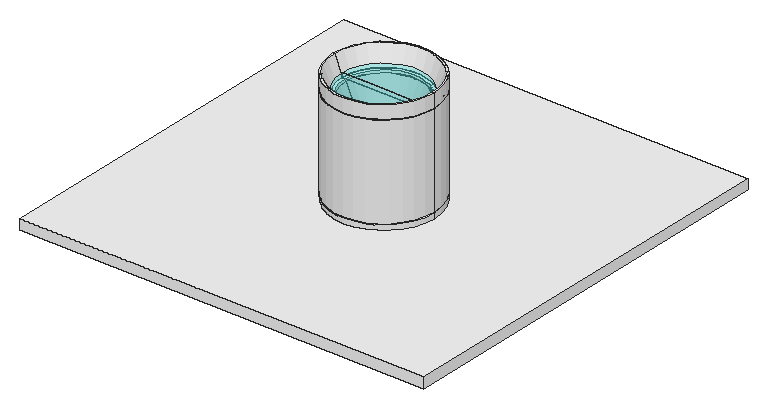
Revit family "BE_24404_de_DE", category Leuchten, Revit 2020
Family settings
  Basisbauteil = Fläche
  Bemaßung runder Anschluss = Durchmesser verwenden
  Teiletyp = Normal
  Beim Laden mit Abzugskörper schneiden = Ja
  Lichtquelle = Ja
  Gemeinsam genutzt = Nein
  Raumberechnungspunkt = Ja
Parameters (values of type "BEGA_24404_Weiß_K4")
  built-in parameter 1150104 = 11.148 (stored number, unit not read)
  Wattage = 8 W
  Default Elevation = 0 mm
  built-in parameter 1150113 = 1 (stored number, unit not read)
  built-in parameter 1114218 = 1 (stored number, unit not read)
  Umgebungstemperatur = "25 °C"
  URL = "https://www.bega.com/de/produkt/24404"
  Typenkommentare = "© 2022 BEGA. Wir behalten uns das Recht vor, technische Änderungen ohne vorherige Ankündigung vorzunehmen."  # constant formula
  Type Image = 24404.png
  built-in parameter 1150134 = 12
  built-in parameter 1150109 = 1 (stored number, unit not read)
  Strom = ""
  built-in parameter 1150110 = 1 (stored number, unit not read)
  Spannung = 239.996 V
  Sonderanfertigung = no
  Seriennummer [instance] = "Hier können Sie die eindeutige Seriennummer für das Facility Management eintragen."
  Schutzklasse = "I"
  Schutzart = "IP 65"
  Scheinlast = 0 VA
  Produktdatenblatt = "https://cdn.bega.com/bega/products/24404WK3/current/documents/data-sheets/de"
  Oberflächentemperatur = ""
  Neigungswinkel = 0.00°
  Modell = "24404WK4"
  Material_17 = BEGA_Reflektor
  Material_15 = BEGA_Leuchtmedium_matt
  Material_11 = BEGA_Glas_opal
  Material_09 = BEGA_Glas_klar
  Material_06 = BEGA_Oberfläche_Edelstahl_gebürstet
  Material_03 = BEGA_Oberfläche_Weiss_matt
  Material_02 = BEGA_Oberfläche_Silber_matt
  Material_01 [instance] = BEGA_Oberfläche_Grafit_matt
  M_W = yes
  M_G = no
  M_A = no
  Logo = 0
  built-in parameter 1114217 = 1 (stored number, unit not read)
  built-in parameter 1150139 = (empty or 0)
  built-in parameter 1150105 = 76.394 (stored number, unit not read)
  built-in parameter 1150114 = 1 (stored number, unit not read)
  Lumens = 960 lm
  built-in parameter 1150115 = 1 (stored number, unit not read)
  Leuchtenlichtstrom = "974 lm"
  Leuchtenanzahl = ""
  Lebensdauerkriterien = "L70B50 @ 25 °C = 200000 h"
  Lastklassifizierung = Beleuchtung
  built-in parameter 1150112 = 1 (stored number, unit not read)
  Lampenlichtstrom = "1240 lm"
  Lampe = "LED 8 W"
  LED_Modulbezeichnung = "LED-1030/840"
  Hersteller = "BEGA"  # constant formula
  Halbstreuwinkel = ""
  Gewicht = "0.75 kg"
  Gebrauchslageneinschränkung [instance] = ""
  Frequenz = "0/50-60 Hz"
  Farbwiedergabeindex = "CRI > 80"
  Farbtemperaturverschiebung bei Dämpfen der Lampe = <Keine Auswahl>
  Farbtemperatur = "4000 K"
  Color Filter = 16777215
  built-in parameter 1150133 = 10 (stored number, unit not read)
  Energieeffizienzklasse = "LED A++ - A"
  built-in parameter 1150137 = (empty or 0)
  built-in parameter 1150132 = (empty or 0)
  ENEC = "ja"
  Dimmbar [instance] = "on/off"
  Datei für fotometrisches Netz = "BE_24404K4.IES"
  CE_Konformität = "ja"
  Bestellnummer = "24404WK4"
  Beschreibung_Sonderanfertigung = "Hier können Sie Informationen zur Sonderanfertigung eintragen."
  Beschreibung = "Deckenaufbau-Tiefstrahler"
  built-in parameter 1150106 = 0.76394 (stored number, unit not read)
  Befestigungsbohrung = "Ø 4,3 mm"
  Befestigungsabstand = "76 mm"
  Ballwurfsicher = ""
  BEGA_Intern_aus = yes
  BEGA_Intern_an = yes
  BEGA_Intern_Konstruktion = yes
  BEGA_Intern = yes
  BEGA_IES = yes
  BEGA_Dummy = no
  Anschlussleitung = ""
  Anschlussleistung [instance] = "9.2 W"
  Anschlusskasten = ""
  built-in parameter 1150107 = 4000 (stored number, unit not read)
  built-in parameter 1150102 = (empty or 0)
  built-in parameter 1150138 = (empty or 0)
  Aktualisierung = "2022-05-18T04:00:07"
  Abstand_zur_angestrahlten_Fläche [instance] = ""
  AC/DC = "AC/DC"
Types (4, lengths in mm): name | built-in parameter 1150104 | built-in parameter 1150134 | Modell | M_W | M_G | built-in parameter 1150105 | Lumens | Leuchtenlichtstrom | Lampenlichtstrom | LED_Modulbezeichnung | Farbtemperatur | Datei für fotometrisches Netz | Bestellnummer | built-in parameter 1150106 | built-in parameter 1150107
  BEGA_24404_Grafit_K3 | 10.498 (stored number, unit not read) | (empty or 0) | "24404K3" | no | yes | 71.938 (stored number, unit not read) | 904 lm | "915 lm" | "1165 lm" | "LED-1030/830" | "3000 K" | "BE_24404K3.IES" | "24404K3" | 0.71938 (stored number, unit not read) | 3000 (stored number, unit not read)
  BEGA_24404_Weiß_K3 | 10.498 (stored number, unit not read) | (empty or 0) | "24404WK3" | yes | no | 71.938 (stored number, unit not read) | 904 lm | "915 lm" | "1165 lm" | "LED-1030/830" | "3000 K" | "BE_24404K3.IES" | "24404WK3" | 0.71938 (stored number, unit not read) | 3000 (stored number, unit not read)
  BEGA_24404_Grafit_K4 | 11.148 (stored number, unit not read) | 12 | "24404K4" | no | yes | 76.394 (stored number, unit not read) | 960 lm | "974 lm" | "1240 lm" | "LED-1030/840" | "4000 K" | "BE_24404K4.IES" | "24404K4" | 0.76394 (stored number, unit not read) | 4000 (stored number, unit not read)
  BEGA_24404_Weiß_K4 | 11.148 (stored number, unit not read) | 12 | "24404WK4" | yes | no | 76.394 (stored number, unit not read) | 960 lm | "974 lm" | "1240 lm" | "LED-1030/840" | "4000 K" | "BE_24404K4.IES" | "24404WK4" | 0.76394 (stored number, unit not read) | 4000 (stored number, unit not read)
Reference planes
  plane 1 "Mitte (Vorne/Hinten)": y = 0
  plane 2: z = 0
  plane 3 "Mitte (Links/Rechts)": x = 0
  plane 4 "Links": x = -50
  plane 5 "Rechts": x = 50
  plane 6 "Unten": y = -50
  plane 7 "Oben": y = 50
  plane 8 "Vorne": z = 111.4
  plane 9 "Hinten": z = 0
Forms (mm)
  Extrusion 1, solid, material "BEGA_Platte_Weiss"
    sketch origin (0, -1119.2, 0) x (1, 0, 0) y (0, 1, 0)
      loop
        line (-200, 1319.2) -> (-200, 919.2) -> (200, 919.2) -> (200, 1319.2) -> (-200, 1319.2)
    from 0 to -10
  Extrusion 2, solid, material "BEGA_Dummy_matt", visible <- "BEGA_Dummy"
    sketch origin (77.149, -76.023, 0) x (1, 0, 0) y (0, 1, 0)
      loop
        circle (-77.149, 76.023) r 50
    from 0 to 111.4
Dimensions and locks
  plane 1 "Mitte (Vorne/Hinten)" to Extrusion 1 = 200 mm
  aligned and locked: plane 2 to Extrusion 1
  aligned and locked: level to Extrusion 1
Nested families
  nested 1: "BE_24404" at (0, 0, 0), type "BE_24404"
Connectors
  electrical at (0, 0, 0), driven by "Lastklassifizierung", driven by "Spannung", driven by "Scheinlast"
    settings: index 1, voltage 239.996 V, apparent load 0 VA, apparent load phase1 0 VA, apparent load phase2 0 VA, apparent load phase3 0 VA, power factor 1, load classification "Beleuchtung", number of poles 1, system type 31, power factor state 1, is connector primary yes, connector utility no, sub classification motor no, connector description ""
Definition of nested family "BE_24404"
  Parameters (values of type "BE_24404")
    Default Elevation = 1 mm
    URL = "http://www.bega.de/de/produkt"
    Type Comments = "© 2015 BEGA. Wir behalten uns das Recht vor, technische Änderungen ohne vorherige Ankündigung vorzunehmen. "  # constant formula
    Type Image = (empty or 0)
    Neigungswinkel_um_Z2 = 0.00°
    Neigungswinkel_um_Z1 = 0.00°
    Neigungswinkel_um_Y2 = 0.00°
    Neigungswinkel_um_Y1 = 0.00°
    Neigungswinkel_um_X2 = 0.00°
    Neigungswinkel_um_X1 = 0.00°
    Material_17 = none
    Material_15 = none
    Material_11 = none
    Material_09 = none
    Material_06 = none
    Material_03 = none
    Material_02 = none
    Material_01 = none
    M_W = yes
    M_G = yes
    M_A = yes
    Länge_Platte = 200 mm  # constant formula
    Höhe_Platte = -10 mm  # constant formula
    Manufacturer = "BEGA"  # constant formula
    Drehwinkel_um_Z2 = 0.00°
    Drehwinkel_um_Z1 = 0.00°
    Breite_Platte = 200 mm  # constant formula
  Reference planes
    plane 1 "Mitte (Oben/Unten)": y = 0
    plane 2: z = 0
    plane 3 "Mitte (Links/Rechts)": x = 0
    plane 4 "Vorne": z = 111.4
    plane 5 "Hinten": z = -25
    plane 6 "Links": x = -50
    plane 7 "Oben": y = 50
    plane 8 "Unten": y = -50
    plane 9: x = 50
  Forms (mm)
    Extrusion 1, solid, detail levels medium
      sketch origin (0, 0, 0) x (1, 0, 0) y (0, 1, 0)
        loop
          line (-100, 100) -> (-100, -100) -> (100, -100) -> (100, 100) -> (-100, 100)
      from 0 to -10 <- "Höhe_Platte"
    Revolve 2, solid, material <- "Material_01", visible <- "M_G"
      sketch origin (0, 0, 0) x (1, 0, 0) y (0, 0, 1)
        loop
          line (-50, 111.4) -> (-50, 98.417) -> (-47.884, 98.194) -> (-45.886, 94.734) -> (-47, 94.091) -> (-47, 85.55) -> (-45.078, 84.9) -> (-42.843, 84.9) -> (-42.651, 90.4) -> (-38.087, 90.4) -> (-38, 92.9) -> (-41.306, 92.9) -> (-48.5, 111.4) -> (-50, 111.4)
        axis (0, 111.4) -> (0, 84.9)
      angle from 0 to 360
    Revolve 3, solid, material <- "Material_01", visible <- "M_G"
      sketch origin (0, 0, 0) x (1, 0, 0) y (0, 0, 1)
        loop
          line (-50, 97.4) -> (-50, 6) -> (-47.965, 6) -> (-47.303, 24.964) -> (-40.001, 24.964) -> (-39.417, 41.7) -> (0, 41.7) -> (0, 46.7) -> (-38.893, 46.7) -> (-40, 78.398) -> (-47.293, 78.398) -> (-48, 94.4) -> (-49.092, 97.4) -> (-50, 97.4)
        axis (0, 6) -> (0, 97.4)
      angle from 0 to 360
    Revolve 4, solid, material <- "Material_17"
      sketch origin (0, 0, 0) x (1, 0, 0) y (0, 0, 1)
        loop
          line (-41.5, 89.2) -> (-38.478, 89.2)
          arc (-38.478, 89.2) -> (-29.406, 69.485) -> (-18.265, 50.861) r 201.35
          arc (-18.265, 50.861) -> (-17.747, 50.387) -> (-17.071, 50.2) r 1.5
          line (-17.071, 50.2) -> (-15.5, 50.2)
          arc (-15.5, 50.2) -> (-15.113, 50.384) -> (-15.01, 50.8) r 0.5
          arc (-15.01, 50.8) -> (-15.113, 51.216) -> (-15.5, 51.4) r 0.5
          line (-15.5, 51.4) -> (-16.996, 51.4)
          arc (-16.996, 51.4) -> (-28.322, 70.334) -> (-37.493, 90.4) r 199.946
          line (-37.493, 90.4) -> (-41.458, 90.4) -> (-41.5, 89.2)
        axis (0, 50.2) -> (0, 90.4)
      angle from 0 to 360
    Revolve 5, solid, material <- "Material_09"
      sketch origin (0, 0, 0) x (1, 0, 0) y (0, 0, 1)
        loop
          line (0, 97) -> (-41, 97) -> (-41, 92.9) -> (0, 92.9) -> (0, 97)
        axis (0, 92.9) -> (0, 97)
      angle from 0 to 360
    Revolve 6, solid, material <- "Material_03", visible <- "M_W"
      sketch origin (0, 0, 0) x (1, 0, 0) y (0, 0, 1)
        loop
          line (-50, 111.4) -> (-50, 98.417) -> (-47.884, 98.194) -> (-45.886, 94.734) -> (-47, 94.091) -> (-47, 85.55) -> (-45.078, 84.9) -> (-42.843, 84.9) -> (-42.651, 90.4) -> (-38.087, 90.4) -> (-38, 92.9) -> (-41.306, 92.9) -> (-48.5, 111.4) -> (-50, 111.4)
        axis (0, 111.4) -> (0, 84.9)
      angle from 0 to 360
    Revolve 7, solid, material <- "Material_03", visible <- "M_W"
      sketch origin (0, 0, 0) x (1, 0, 0) y (0, 0, 1)
        loop
          line (-50, 97.4) -> (-50, 6) -> (-47.965, 6) -> (-47.303, 24.964) -> (-40.001, 24.964) -> (-39.417, 41.7) -> (0, 41.7) -> (0, 46.7) -> (-38.893, 46.7) -> (-40, 78.398) -> (-47.293, 78.398) -> (-48, 94.4) -> (-49.092, 97.4) -> (-50, 97.4)
        axis (0, 6) -> (0, 97.4)
      angle from 0 to 360
    Revolve 8, solid, material <- "Material_15"
      sketch origin (0, 0, 0) x (1, 0, 0) y (0, 0, 1)
        loop
          line (-13.933, 48.423) -> (0, 48.423) -> (0, 49.205) -> (-13.933, 49.205) -> (-13.933, 48.423)
        axis (0, 48.423) -> (0, 49.423)
      angle from 0 to 360
    Revolve 9, solid, material <- "Material_01", visible <- "M_G"
      sketch origin (0, 0, 0) x (1, 0, 0) y (0, 0, 1)
        loop
          line (0, 16) -> (-38.731, 16) -> (-42.91, 16) -> (-42.91, 18.5) -> (-47, 18.5) -> (-47, 5.299) -> (-50, 4.983) -> (-50, 0) -> (-43.105, 0) -> (-42.651, 13) -> (0, 13) -> (0, 16)
        axis (0, 18.5) -> (0, 0)
      angle from 0 to 360
    Extrusion 10, solid, material <- "Material_01", visible <- "M_G"
      sketch origin (0, 0, 0) x (1, 0, 0) y (0, 1, 0)
        loop
          circle (-38, 0) r 6.17
        loop
          circle (38, 0) r 6.17
        loop
          circle (-38, 0) r 2.145
        loop
          circle (38, 0) r 2.145
      from 0 to 19.705
    Revolve 11, solid, material <- "Material_03", visible <- "M_W"
      sketch origin (0, 0, 0) x (1, 0, 0) y (0, 0, 1)
        loop
          line (0, 16) -> (-38.731, 16) -> (-42.91, 16) -> (-42.91, 18.5) -> (-47, 18.5) -> (-47, 5.299) -> (-50, 4.983) -> (-50, 0) -> (-43.105, 0) -> (-42.651, 13) -> (0, 13) -> (0, 16)
        axis (0, 18.5) -> (0, 0)
      angle from 0 to 360
    Extrusion 12, solid, material <- "Material_03", visible <- "M_W"
      sketch origin (0, 0, 0) x (1, 0, 0) y (0, 1, 0)
        loop
          circle (-38, 0) r 6.17
        loop
          circle (38, 0) r 6.17
        loop
          circle (-38, 0) r 2.145
        loop
          circle (38, 0) r 2.145
      from 0 to 19.705
    Extrusion 13, void
      sketch origin (0, 0, 0) x (1, 0, 0) y (0, 1, 0)
        loop
          circle (0, 29) r 7.197
      from 10.843 to 18.77
  Cuts and joins
    Extrusion 13 cuts Revolve 9
    Extrusion 13 cuts Extrusion 10
    joined: Revolve 9, Extrusion 10
    Extrusion 13 cuts Revolve 11
    Extrusion 13 cuts Extrusion 12
    joined: Revolve 11, Extrusion 12
    Extrusion 13 cuts Revolve 3
    Extrusion 13 cuts Revolve 4
    Extrusion 13 cuts Revolve 5
    Extrusion 13 cuts Revolve 7
  Dimensions and locks
    equal spacing: Extrusion 1 sketch curve, plane 3 "Mitte (Links/Rechts)", Extrusion 1 sketch curve
    equal spacing: Extrusion 1 sketch curve, plane 1 "Mitte (Oben/Unten)", Extrusion 1 sketch curve
    "Länge_Platte": Extrusion 1 sketch curve to Extrusion 1 sketch curve
    "Breite_Platte": Extrusion 1 sketch curve to Extrusion 1 sketch curve
    aligned and locked: plane 2 to Extrusion 1
    aligned and locked: level to Extrusion 1
  Automatic sketch dimensions
    Revolve 2 sketch curve to plane 3 "Mitte (Links/Rechts)" = 0 mm
    Revolve 2 sketch curve to Revolve 2 sketch curve = 0.087 mm
    Revolve 2 sketch curve to Revolve 2 sketch curve = 0.192 mm
    Revolve 2 sketch curve to Revolve 2 sketch curve = 2.235 mm
    Revolve 2 sketch curve to Revolve 2 sketch curve = 1.922 mm
    Revolve 2 sketch curve to Revolve 2 sketch curve = 1.998 mm
    Revolve 2 sketch curve to Revolve 2 sketch curve = 0.616 mm
    Revolve 2 sketch curve to Revolve 2 sketch curve = 1.5 mm
    level to Revolve 2 sketch curve = 84.9 mm
    Revolve 2 sketch curve to Revolve 2 sketch curve = 0.65 mm
    Revolve 2 sketch curve to Revolve 2 sketch curve = 5.5 mm
    Revolve 2 sketch curve to Revolve 2 sketch curve = 2.5 mm
    Revolve 2 sketch curve to Revolve 2 sketch curve = 3.691 mm
    Revolve 2 sketch curve to Revolve 2 sketch curve = 0.643 mm
    Revolve 2 sketch curve to Revolve 2 sketch curve = 0.222 mm
    Revolve 2 sketch curve to Revolve 2 sketch curve = 12.983 mm
    Revolve 2 sketch curve to Revolve 2 sketch curve = 3.306 mm
    Revolve 2 sketch curve to Revolve 2 sketch curve = 8.578 mm
    Revolve 2 sketch curve to Revolve 2 sketch curve = 6.422 mm
    Revolve 2 sketch curve to plane 3 "Mitte (Links/Rechts)" = 38 mm
    Revolve 2 sketch curve to Revolve 2 sketch curve = 1.345 mm
    Revolve 2 sketch curve to Revolve 2 sketch curve = 1.114 mm
    Revolve 3 sketch curve to plane 3 "Mitte (Links/Rechts)" = 0 mm  (x2)
    Revolve 3 sketch curve to Revolve 3 sketch curve = 38.893 mm
    Revolve 3 sketch curve to Revolve 3 sketch curve = 0.524 mm
    Revolve 3 sketch curve to Revolve 3 sketch curve = 1.107 mm
    Revolve 3 sketch curve to Revolve 3 sketch curve = 0.584 mm
    Revolve 3 sketch curve to Revolve 3 sketch curve = 7.293 mm
    Revolve 3 sketch curve to Revolve 3 sketch curve = 7.302 mm
    level to Revolve 3 sketch curve = 6 mm
    Revolve 3 sketch curve to Revolve 3 sketch curve = 0.662 mm
    Revolve 3 sketch curve to Revolve 3 sketch curve = 0.707 mm
    Revolve 3 sketch curve to Revolve 3 sketch curve = 1.092 mm
    Revolve 3 sketch curve to Revolve 3 sketch curve = 0.908 mm
    Revolve 3 sketch curve to Revolve 3 sketch curve = 18.964 mm
    Revolve 3 sketch curve to Revolve 3 sketch curve = 16.736 mm
    Revolve 3 sketch curve to Revolve 3 sketch curve = 5 mm
    Revolve 3 sketch curve to Revolve 3 sketch curve = 31.698 mm  (x2)
    Revolve 3 sketch curve to Revolve 3 sketch curve = 16.002 mm
    Revolve 3 sketch curve to Revolve 3 sketch curve = 3 mm
    Revolve 3 sketch curve to Revolve 3 sketch curve = 26.486 mm
    Revolve 4 sketch curve to plane 3 "Mitte (Links/Rechts)" = 0 mm
    Revolve 4 sketch curve to plane 3 "Mitte (Links/Rechts)" = 15.5 mm
    Revolve 4 sketch curve to Revolve 4 sketch curve = 0 mm  (x2)
    Revolve 4 sketch curve to Revolve 4 sketch curve = 1.496 mm
    Revolve 4 sketch curve to Revolve 4 sketch curve = 0.025 mm
    Revolve 4 sketch curve to Revolve 4 sketch curve = 0.075 mm
    Revolve 4 sketch curve to plane 3 "Mitte (Links/Rechts)" = 37.493 mm
    Revolve 4 sketch curve to Revolve 4 sketch curve = 0.985 mm
    Revolve 4 sketch curve to Revolve 4 sketch curve = 2.98 mm
    Revolve 4 sketch curve to Revolve 4 sketch curve = 0.042 mm
    Revolve 4 sketch curve to Revolve 4 sketch curve = 0.037 mm  (x2)
    level to Revolve 4 sketch curve = 50.2 mm
    Revolve 4 sketch curve to Revolve 4 sketch curve = 0.5 mm  (x2)
    Revolve 4 sketch curve to Revolve 4 sketch curve = 0.2 mm
    Revolve 4 sketch curve to Revolve 4 sketch curve = 0.299 mm
    Revolve 4 sketch curve to Revolve 4 sketch curve = 37.501 mm
    Revolve 4 sketch curve to Revolve 4 sketch curve = 1.2 mm
    Revolve 4 sketch curve to Revolve 4 sketch curve = 20 mm
    Revolve 4 sketch curve to Revolve 4 sketch curve = 8.528 mm
    Revolve 5 sketch curve to plane 3 "Mitte (Links/Rechts)" = 0 mm  (x2)
    Revolve 5 sketch curve to Revolve 5 sketch curve = 41 mm
    level to Revolve 5 sketch curve = 92.9 mm
    Revolve 5 sketch curve to Revolve 5 sketch curve = 4.1 mm
    Revolve 5 sketch curve to Revolve 5 sketch curve = 5 mm
    Revolve 5 sketch curve to Revolve 5 sketch curve = 6.689 mm
    Revolve 6 sketch curve to plane 3 "Mitte (Links/Rechts)" = 0 mm
    Revolve 6 sketch curve to plane 3 "Mitte (Links/Rechts)" = 38 mm
    Revolve 6 sketch curve to Revolve 6 sketch curve = 0.087 mm
    Revolve 6 sketch curve to Revolve 6 sketch curve = 3.306 mm
    Revolve 6 sketch curve to Revolve 6 sketch curve = 1.345 mm
    Revolve 6 sketch curve to Revolve 6 sketch curve = 0.192 mm
    Revolve 6 sketch curve to Revolve 6 sketch curve = 2.235 mm
    Revolve 6 sketch curve to Revolve 6 sketch curve = 4.58 mm
    Revolve 6 sketch curve to Revolve 6 sketch curve = 1.922 mm
    Revolve 6 sketch curve to Revolve 6 sketch curve = 1.998 mm
    Revolve 6 sketch curve to Revolve 6 sketch curve = 0.616 mm
    Revolve 6 sketch curve to Revolve 6 sketch curve = 1.5 mm
    level to Revolve 6 sketch curve = 84.9 mm
    Revolve 6 sketch curve to Revolve 6 sketch curve = 0.65 mm
    Revolve 6 sketch curve to Revolve 6 sketch curve = 5.5 mm
    Revolve 6 sketch curve to Revolve 6 sketch curve = 2.5 mm
    Revolve 6 sketch curve to Revolve 6 sketch curve = 3.691 mm
    Revolve 6 sketch curve to Revolve 6 sketch curve = 0.643 mm
    Revolve 6 sketch curve to Revolve 6 sketch curve = 0.222 mm
    Revolve 6 sketch curve to Revolve 6 sketch curve = 12.983 mm
    Revolve 6 sketch curve to Revolve 6 sketch curve = 8.578 mm
    Revolve 6 sketch curve to Revolve 6 sketch curve = 6.422 mm
    Revolve 7 sketch curve to plane 3 "Mitte (Links/Rechts)" = 0 mm  (x2)
    Revolve 7 sketch curve to plane 3 "Mitte (Links/Rechts)" = 38.893 mm
    Revolve 7 sketch curve to Revolve 7 sketch curve = 0.524 mm
    Revolve 7 sketch curve to Revolve 7 sketch curve = 1.107 mm
    Revolve 7 sketch curve to Revolve 7 sketch curve = 0.584 mm
    Revolve 7 sketch curve to Revolve 7 sketch curve = 7.293 mm
    Revolve 7 sketch curve to Revolve 7 sketch curve = 7.302 mm
    level to Revolve 7 sketch curve = 6 mm
    Revolve 7 sketch curve to Revolve 7 sketch curve = 0.662 mm
    Revolve 7 sketch curve to Revolve 7 sketch curve = 0.707 mm
    Revolve 7 sketch curve to Revolve 7 sketch curve = 1.092 mm
    Revolve 7 sketch curve to Revolve 7 sketch curve = 0.908 mm
    Revolve 7 sketch curve to Revolve 7 sketch curve = 18.964 mm
    Revolve 7 sketch curve to Revolve 7 sketch curve = 16.736 mm
    Revolve 7 sketch curve to Revolve 7 sketch curve = 5 mm
    Revolve 7 sketch curve to Revolve 7 sketch curve = 31.698 mm  (x2)
    Revolve 7 sketch curve to Revolve 7 sketch curve = 16.002 mm
    Revolve 7 sketch curve to Revolve 7 sketch curve = 3 mm
    Revolve 7 sketch curve to Revolve 7 sketch curve = 26.486 mm
    Revolve 8 sketch curve to plane 3 "Mitte (Links/Rechts)" = 0 mm  (x2)
    Revolve 8 sketch curve to plane 3 "Mitte (Links/Rechts)" = 13.933 mm
    level to Revolve 8 sketch curve = 48.423 mm
    Revolve 8 sketch curve to Revolve 8 sketch curve = 0.782 mm
    Revolve 8 sketch curve to Revolve 8 sketch curve = 2.192 mm
    Revolve 8 sketch curve to Revolve 8 sketch curve = 2.28 mm
    plane 4 "Vorne" to Revolve 4 sketch curve = 51.954 mm
    Revolve 9 sketch curve to plane 6 "Links" = 0 mm
    Revolve 9 sketch curve to level = 0 mm
    Revolve 9 sketch curve to plane 3 "Mitte (Links/Rechts)" = 0 mm  (x2)
    plane 6 "Links" to Revolve 9 sketch curve = 3 mm
    Revolve 9 sketch curve to Revolve 9 sketch curve = 3.895 mm
    Revolve 9 sketch curve to Revolve 9 sketch curve = 4.09 mm
    Revolve 9 sketch curve to Revolve 9 sketch curve = 0.259 mm
    Revolve 9 sketch curve to Revolve 9 sketch curve = 4.179 mm
    Revolve 9 sketch curve to Revolve 9 sketch curve = 4.983 mm
    Revolve 9 sketch curve to Revolve 9 sketch curve = 0.315 mm
    Revolve 9 sketch curve to Revolve 9 sketch curve = 7.701 mm
    Revolve 9 sketch curve to Revolve 9 sketch curve = 3 mm
    Revolve 9 sketch curve to Revolve 9 sketch curve = 2.5 mm
    Revolve 9 sketch curve to Revolve 9 sketch curve = 4.431 mm
    Revolve 9 sketch curve to Revolve 9 sketch curve = 13.732 mm
    Extrusion 10 sketch curve to Extrusion 10 sketch curve = 0 mm  (x4)
    Extrusion 10 sketch curve to plane 1 "Mitte (Oben/Unten)" = 0 mm  (x2)
    plane 6 "Links" to Extrusion 10 sketch curve = 12 mm
    plane 9 to Extrusion 10 sketch curve = 12 mm
    Revolve 11 sketch curve to plane 6 "Links" = 0 mm
    Revolve 11 sketch curve to level = 0 mm
    Revolve 11 sketch curve to plane 3 "Mitte (Links/Rechts)" = 0 mm  (x2)
    plane 6 "Links" to Revolve 11 sketch curve = 3 mm
    Revolve 11 sketch curve to Revolve 11 sketch curve = 3.895 mm
    Revolve 11 sketch curve to Revolve 11 sketch curve = 4.09 mm
    Revolve 11 sketch curve to Revolve 11 sketch curve = 0.259 mm
    Revolve 11 sketch curve to Revolve 11 sketch curve = 4.179 mm
    Revolve 11 sketch curve to Revolve 11 sketch curve = 4.983 mm
    Revolve 11 sketch curve to Revolve 11 sketch curve = 0.315 mm
    Revolve 11 sketch curve to Revolve 11 sketch curve = 7.701 mm
    Revolve 11 sketch curve to Revolve 11 sketch curve = 3 mm
    Revolve 11 sketch curve to Revolve 11 sketch curve = 2.5 mm
    Revolve 11 sketch curve to Revolve 11 sketch curve = 4.431 mm
    Revolve 11 sketch curve to Revolve 11 sketch curve = 13.732 mm
    Extrusion 12 sketch curve to Extrusion 12 sketch curve = 0 mm  (x4)
    Extrusion 12 sketch curve to plane 1 "Mitte (Oben/Unten)" = 0 mm  (x2)
    plane 6 "Links" to Extrusion 12 sketch curve = 12 mm
    plane 9 to Extrusion 12 sketch curve = 12 mm
    radius of Extrusion 10 sketch curve = 6.17 mm  (x2)
    radius of Extrusion 10 sketch curve = 2.145 mm  (x2)
    radius of Extrusion 12 sketch curve = 6.17 mm  (x2)
    radius of Extrusion 12 sketch curve = 2.145 mm  (x2)
